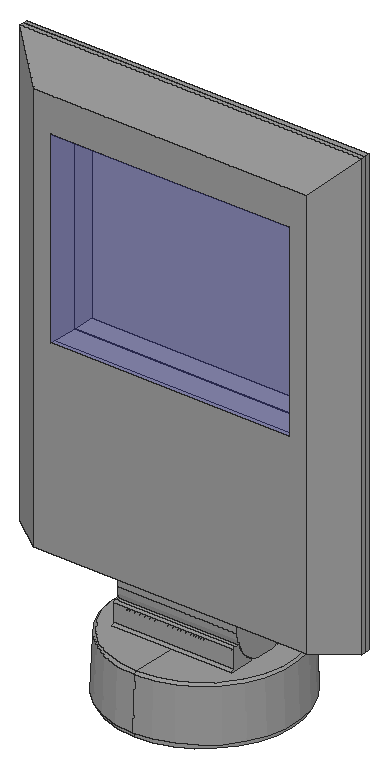
Revit family "6455LED_HOST_FACE", category Lighting Fixtures, host Face, Revit 2012
Parameters (values of type "Wall Luminaires")
  Wattage = 14.2451 W
  built-in parameter 1150110 = 1 (stored number, unit not read)
  URL = "www.bega-us.com"
  built-in parameter 1114217 = 1 (stored number, unit not read)
  Tilt Angle = 90.00°
  built-in parameter 1150109 = 1 (stored number, unit not read)
  built-in parameter 1150134 = 12
  Telephone = "805.684.0533"
  built-in parameter 1150113 = 1 (stored number, unit not read)
  Photometric Web File = "6455LED.IES"
  Model = "6455LED"
  Manufacturer = "BEGA-US"
  built-in parameter 1150105 = 168.39 (stored number, unit not read)
  Lumens = 2116 lm
  built-in parameter 1150115 = 1 (stored number, unit not read)
  built-in parameter 1150137 = (empty or 0)
  built-in parameter 1150139 = (empty or 0)
  built-in parameter 1150112 = 1 (stored number, unit not read)
  built-in parameter 1150114 = 1 (stored number, unit not read)
  Lamp = "26W LED"
  built-in parameter 1150132 = 2
  built-in parameter 1150102 = (empty or 0)
  built-in parameter 1150107 = 4000 (stored number, unit not read)
  built-in parameter 1150138 = (empty or 0)
  built-in parameter 1150106 = 1.6839 (stored number, unit not read)
  built-in parameter 1150104 = 13.8 (stored number, unit not read)
  Dimming Lamp Color Temperature Shift = <None>
  Description = "LED area/roadway wall mounted luminaires"
  Default Elevation = 0' - 0"
  Color Filter = 16777215
  built-in parameter 1114218 = 1 (stored number, unit not read)
  built-in parameter 1150133 = 10 (stored number, unit not read)
Reference planes (in)
  plane 1 "Center (Front/Back)": y = 0
  plane 2: z = 0
  plane 3 "Center (Left/Right)": x = 0
Dimensions and locks (in)
  aligned and locked: plane 2 to host face
  aligned and locked: level to host face
Nested families (in)
  nested 1: "6455LED" at (0, 0, 0), type "6455LED"
Connectors (in)
  electrical at (0, 0, 0)
    settings: on host face, index 1, voltage 0 V, apparent load 0 VA, apparent load phase1 0 VA, apparent load phase2 0 VA, apparent load phase3 0 VA, power factor 1, load classification "Other", number of poles 1, system type 31, power factor state 1, is connector primary yes, connector utility no, sub classification motor no, connector description ""
Definition of nested family "6455LED"
  Reference planes (in)
    plane 1 "Center (Front/Back)": y = 0
    plane 2: z = 0
    plane 3 "Center (Left/Right)": x = 0
  Forms (in)
    Extrusion 1, solid, material "Default"
      sketch origin (0, -1.5, 0) x (0, 0, -1) y (0, 1, 0)
        loop
          line (-2.625, 2.5) -> (-3.25, 2.5) -> (-3.25, 0.5) -> (-2.625, 0.5)
          arc (-2.625, 0.5) -> (-1.625, 1.5) -> (-2.625, 2.5) r 1
      from -1.75 to 1.75
    Blend 2, solid, material "Default"
      base sketch origin (0, -1.5, 0) x (0, 0, -1) y (-1, 0, 0)
        loop
          line (-3, 3.5) -> (-12.875, 3.5) -> (-12.875, -3.5) -> (-3, -3.5) -> (-3, 3.5)
      top sketch origin (0, 0, 0) x (0, 0, -1) y (-1, 0, 0)
        loop
          line (-3, 5) -> (-16, 5) -> (-16, -5) -> (-3, -5) -> (-3, 5)
      from 2.625 to -0.25
    Extrusion 3, solid, material "Default"
      sketch origin (0, -1.5, 0) x (0, 0, -1) y (-1, 0, 0)
        loop
          line (-16, 5) -> (-16, -5) -> (-3, -5) -> (-3, 5) -> (-16, 5)
      from 1.125 to 1.25
    Extrusion 4, solid, material "Default"
      sketch origin (0, -1.625, 0) x (0, 0, -1) y (-1, 0, 0)
        loop
          line (-16, 5) -> (-16, -5) -> (-3, -5) -> (-3, 5) -> (-16, 5)
      from 1.125 to 1.25
    Blend 5, solid, material "Default"
      base sketch origin (0, -1.5, 0) x (0, 0, -1) y (-1, 0, 0)
        loop
          line (-3, 4) -> (-15, 4) -> (-15, -4) -> (-3, -4) -> (-3, 4)
      top sketch origin (0, 0, 0) x (0, 0, -1) y (-1, 0, 0)
        loop
          line (-16, 5) -> (-16, -5) -> (-3, -5) -> (-3, 5) -> (-16, 5)
      from 0.25 to -0.5
    Extrusion 6, void
      sketch origin (0, -169.5, 0) x (0, 0, -1) y (-1, 0, 0)
        loop
          line (-14, 0) -> (-14, -3.5) -> (-8.5, -3.5) -> (-8.5, 3.5) -> (-14, 3.5) -> (-14, 0)
      from 169.75 to 168.25
    Extrusion 7, solid, material "Glass"
      sketch origin (0, -169.5, 0) x (0, 0, -1) y (-1, 0, 0)
        loop
          line (-14, 3.5) -> (-14, -3.5) -> (-8.5, -3.5) -> (-8.5, 3.5) -> (-14, 3.5)
      from 168.375 to 168.25
    Revolve 8, solid, material "Default"
      sketch origin (0, 0, 0) x (0, 0, -1) y (0, 1, 0)
        loop
          line (0, 0) -> (0, 2.5625) -> (-0.125, 2.5625) -> (-0.125, 2.625) -> (-1.625, 2.5625) -> (-1.6875, 2.5) -> (-1.6875, 0) -> (0, 0)
        axis (-1.6875, 0) -> (0, 0)
      angle from 0 to 360
    Extrusion 9, solid, material "Default"
      sketch origin (0, 0, 0) x (0, 0, -1) y (0, 1, 0)
        loop
          line (-1.75, 1.125) -> (-2.25, 1.125)
          arc (-2.25, 1.125) -> (-2.29419, 1.10669) -> (-2.3125, 1.0625) r 0.0625
          line (-2.3125, 1.0625) -> (-2.3125, 0.94992)
          arc (-2.3125, 0.94992) -> (-1.99387, 0.77568) -> (-1.75847, 0.49913) r 1
          line (-1.75847, 0.49913) -> (-1.6875, 0.49913) -> (-1.6875, 1.1875)
          arc (-1.6875, 1.1875) -> (-1.70581, 1.14331) -> (-1.75, 1.125) r 0.0625
        loop
          arc (-1.75, -1.125) -> (-1.70581, -1.14331) -> (-1.6875, -1.1875) r 0.0625
          line (-1.6875, -1.1875) -> (-1.6875, -0.49125) -> (-1.75398, -0.49125)
          arc (-1.75398, -0.49125) -> (-1.99035, -0.7728) -> (-2.3125, -0.94992) r 1
          line (-2.3125, -0.94992) -> (-2.3125, -1.0625)
          arc (-2.3125, -1.0625) -> (-2.29419, -1.10669) -> (-2.25, -1.125) r 0.0625
          line (-2.25, -1.125) -> (-1.75, -1.125)
      from 1.75 to -1.75
  Cuts and joins
    Extrusion 6 cuts Blend 2
    Extrusion 6 cuts Extrusion 3
    joined: Blend 2, Extrusion 3
    Extrusion 6 cuts Extrusion 4
    Extrusion 6 cuts Blend 5
    joined: Extrusion 4, Blend 5
    joined: Revolve 8, Extrusion 9
  Dimensions and locks (in)
    aligned and locked: plane 2 to level
